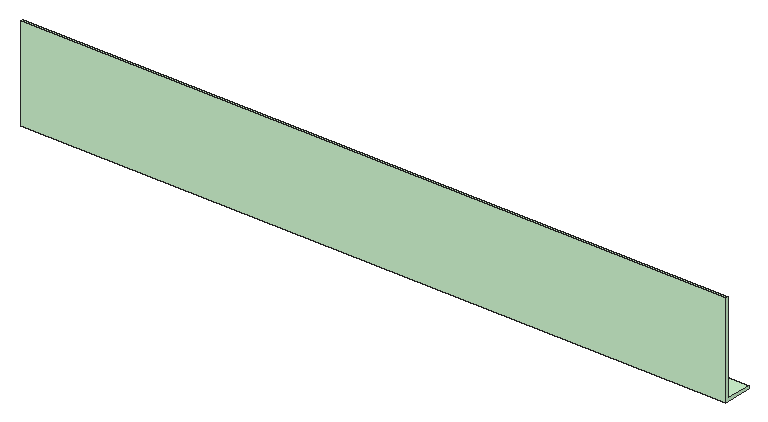
Revit family "support-angle_ver.20222", category 機械設備, Revit 2022
Family settings
  丸型コネクタ寸法 = 直径を使用
  種別 = なし
  パーツ タイプ = 標準
  作業面ベース = いいえ
  常に垂直 = はい
  ロード時にボイドで切り取り = いいえ
  注釈の向きを維持 = いいえ
  共有 = いいえ
  部屋計算ポイント = いいえ
Parameters
  製造元 = "株式会社桐井製作所"
  既定の高さ = 0 mm
  URL = "https://www.kirii.co.jp/"
  K_外形寸法(mm) = "L-12×40×1.2"
  K_品名 = "サポートアングル"
  K_名称 = "新耐震DELTAPower天井部材"
  K_バージョン情報 = "20220131"
Reference planes
  plane 1 "中心(正面/背面)": y = 0
  plane 2: z = 0
  plane 3 "中心(左/右)": x = 0
  plane 4: x = 300
Forms (mm)
  Extrusion 1, solid
    sketch origin (0, 0, 0) x (0, 1, 0) y (0, 0, 1)
      loop
        line (0, 0) -> (12, 0) -> (12, 1.2) -> (1.2, 1.2) -> (1.2, 40) -> (0, 40) -> (0, 0)
    from 0 to 300
  Extrusion 2, void
    sketch origin (0, 0, 0) x (1, 0, 0) y (0, 1, 0)
      loop
        circle (150, 6.6) r 2.5
      loop
        circle (20, 6.6) r 2.5
      loop
        circle (280, 6.6) r 2.5
    from 0 to 1.2
Cuts and joins
  Extrusion 2 cuts Extrusion 1
Dimensions and locks
  plane 4 to plane 3 "中心(左/右)" = 300 mm
  aligned and locked: level to plane 2
  aligned and locked: plane 4 to Extrusion 1
